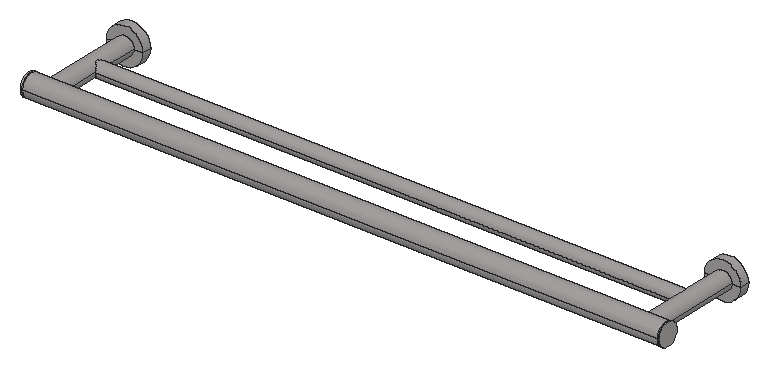
Revit family "Reece_Accessory_Mizu_Drift_Double Towel Rail", category Plumbing Fixtures, Revit 2018
Family settings
  Round Connector Dimension = Use Diameter
  Part Type = Normal
  Work Plane-Based = Yes
  Always vertical = Yes
  Cut with Voids When Loaded = Yes
  Shared = Yes
  Room Calculation Point = Yes
Parameters (values of type "700 x 125 mm_Brushed Gunmetal")
  URL = "https://www.reece.com.au/product/-2217441"
  Type Comments = "Accessory"
  Reece_Product_Web Page = "https://www.reece.com.au/product/-2217441"
  Reece_Product_Type = "Accessory"  # constant formula
  Reece_Product_Sub Brand = "Drift"  # constant formula
  Reece_Product_Number = "2217441"
  Reece_Product_Mount = "Wall"  # constant formula
  Reece_Product_Description = "Mizu Drift Double Towel Rail 700mm Brushed Gunmetal"
  Reece_Product_Brand = "Mizu"  # constant formula
  Reece_Overall_Width = 700 mm
  Reece_Overall_Height = 40 mm  # constant formula
  Reece_Material_Main = Reece_Brass_Brushed Gunmetal
  Reece_Fixing_Point_Width = 655 mm
  Reece_Detail_Shape = ""
  Reece_Detail_Installation = "Wall Mounted"  # constant formula
  Reece_Detail_Disclaimer = "THIS FILE IS THE PROPERTY OF THE REECE GROUP. IT MAY NOT BE REPRODUCED, REVERSE-ENGINEERED, OR MODIFIED. ANY REPUBLICATION, TRANSMISSION, OR DISTRIBUTION FOR THE PURPOSE OF COMMERCIALLY EXPLOITING THE FILES IS PROHIBITED."  # constant formula
  Reece_Detail_Connector = ""
  Reece_Detail_Additional = ""
  Reece_Accessory_Projection = 125 mm  # constant formula
  Model = "Drift"
  Manufacturer = "Mizu"
  Keynote = "Product #2217441, Reece_Accessory_Mizu_Drift_Double Towel Rail - 700 x 125 mm_Brushed Gunmetal"
  Disclaimer = "THIS FILE IS THE PROPERTY OF THE REECE GROUP. IT MAY NOT BE REPRODUCED, REVERSE-ENGINEERED, OR MODIFIED. ANY REPUBLICATION, TRANSMISSION, OR DISTRIBUTION FOR THE PURPOSE OF COMMERCIALLY EXPLOITING THE FILES IS PROHIBITED."  # constant formula
  Description = "Mizu Drift Double Towel Rail 700mm Brushed Gunmetal"
  Default Elevation = 0 mm
Types (15, lengths in mm): name | URL | Reece_Product_Web Page | Reece_Product_Number | Reece_Product_Description | Reece_Overall_Width | Reece_Material_Main | Reece_Fixing_Point_Width | Keynote | Description
  600 x 125 mm_Chrome | "https://www.reece.com.au/product/-2202018" | "https://www.reece.com.au/product/-2202018" | "2202018" | "Mizu Drift Double Towel Rail 600mm Chrome" | 600 | Reece_Brass_Chrome | 545 | "Product #2202018, Reece_Accessory_Mizu_Drift_Double Towel Rail - 600 x 125 mm_Chrome" | "Mizu Drift Double Towel Rail 600mm Chrome"
  600 x 125 mm_Matte Black | "https://www.reece.com.au/product/-9506774" | "https://www.reece.com.au/product/-9506774" | "9506774" | "Mizu Drift Double Towel Rail 600mm Matte Black" | 600 | Reece_Brass_Matte Black | 545 | "Product #9506774, Reece_Accessory_Mizu_Drift_Double Towel Rail - 600 x 125 mm_Matte Black" | "Mizu Drift Double Towel Rail 600mm Matte Black"
  700 x 125 mm_Brushed Nickel | "https://www.reece.com.au/product/-9508230" | "https://www.reece.com.au/product/-9508230" | "9508230" | "Mizu Drift Double Towel Rail 700mm Brushed Nickel" | 700 | Reece_Brass_Brushed Nickel | 655 | "Product #9508230, Reece_Accessory_Mizu_Drift_Double Towel Rail - 700 x 125 mm_Brushed Nickel" | "Mizu Drift Double Towel Rail 700mm Brushed Nickel"
  700 x 125 mm_Chrome | "https://www.reece.com.au/product/-2202019" | "https://www.reece.com.au/product/-2202019" | "2202019" | "Mizu Drift Double Towel Rail 700mm Chrome" | 700 | Reece_Brass_Chrome | 655 | "Product #2202019, Reece_Accessory_Mizu_Drift_Double Towel Rail - 700 x 125 mm_Chrome" | "Mizu Drift Double Towel Rail 700mm Chrome"
  700 x 125 mm_Matte Black | "https://www.reece.com.au/product/-9506776" | "https://www.reece.com.au/product/-9506776" | "9506776" | "Mizu Drift Double Towel Rail 700mm Matte Black" | 700 | Reece_Brass_Matte Black | 655 | "Product #9506776, Reece_Accessory_Mizu_Drift_Double Towel Rail - 700 x 125 mm_Matte Black" | "Mizu Drift Double Towel Rail 700mm Matte Black"
  900 x 125 mm_Chrome | "https://www.reece.com.au/product/-9502116" | "https://www.reece.com.au/product/-9502116" | "9502116" | "Mizu Drift Double Towel Rail 900mm Chrome" | 900 | Reece_Brass_Chrome | 860 | "Product #9502116, Reece_Accessory_Mizu_Drift_Double Towel Rail - 900 x 125 mm_Chrome" | "Mizu Drift Double Towel Rail 900mm Chrome"
  700 x 125 mm_Brushed Gunmetal | "https://www.reece.com.au/product/-2217441" | "https://www.reece.com.au/product/-2217441" | "2217441" | "Mizu Drift Double Towel Rail 700mm Brushed Gunmetal" | 700 | Reece_Brass_Brushed Gunmetal | 655 | "Product #2217441, Reece_Accessory_Mizu_Drift_Double Towel Rail - 700 x 125 mm_Brushed Gunmetal" | "Mizu Drift Double Towel Rail 700mm Brushed Gunmetal"
  600 x 125 mm_Brushed Brass | "https://www.reece.com.au/product/-9512565" | "https://www.reece.com.au/product/-9512565" | "9512565" | "Mizu Drift Double Towel Rail 600mm Brushed Brass" | 600 | Reece_Brass_Brushed | 545 | "Product #9512565, Reece_Accessory_Mizu_Drift_Double Towel Rail - 600 x 125 mm_Brushed Brass" | "Mizu Drift Double Towel Rail 600mm Brushed Brass"
  600 x 125 mm_Brushed Gunmetal | "https://www.reece.com.au/product/-9512564" | "https://www.reece.com.au/product/-9512564" | "9512564" | "Mizu Drift Double Towel Rail 600mm Brushed Gunmetal" | 600 | Reece_Brass_Brushed Gunmetal | 545 | "Product #9512564, Reece_Accessory_Mizu_Drift_Double Towel Rail - 600 x 125 mm_Brushed Gunmetal" | "Mizu Drift Double Towel Rail 600mm Brushed Gunmetal"
  600 x 125 mm_Brushed Nickel | "https://www.reece.com.au/product/-9512563" | "https://www.reece.com.au/product/-9512563" | "9512563" | "Mizu Drift Double Towel Rail 600mm Brushed Nickel" | 600 | Reece_Brass_Brushed Nickel | 545 | "Product #9512563, Reece_Accessory_Mizu_Drift_Double Towel Rail - 600 x 125 mm_Brushed Nickel" | "Mizu Drift Double Towel Rail 600mm Brushed Nickel"
  700 x 125 mm_Brushed Brass | "https://www.reece.com.au/product/-9512444" | "https://www.reece.com.au/product/-9512444" | "9512444" | "Mizu Drift Double Towel Rail 700mm Brushed Brass" | 700 | Reece_Brass_Brushed | 655 | "Product #9512444, Reece_Accessory_Mizu_Drift_Double Towel Rail - 700 x 125 mm_Brushed Brass" | "Mizu Drift Double Towel Rail 700mm Brushed Brass"
  900 x 125 mm_Brushed Brass | "https://www.reece.com.au/product/-9512557" | "https://www.reece.com.au/product/-9512557" | "9512557" | "Mizu Drift Double Towel Rail 900mm Brushed Brass" | 900 | Reece_Brass_Brushed | 860 | "Product #9512557, Reece_Accessory_Mizu_Drift_Double Towel Rail - 900 x 125 mm_Brushed Brass" | "Mizu Drift Double Towel Rail 900mm Brushed Brass"
  900 x 125 mm_Brushed Gunmetal | "https://www.reece.com.au/product/-9512556" | "https://www.reece.com.au/product/-9512556" | "9512556" | "Mizu Drift Double Towel Rail 900mm Brushed Gunmetal" | 900 | Reece_Brass_Brushed Gunmetal | 860 | "Product #9512556, Reece_Accessory_Mizu_Drift_Double Towel Rail - 900 x 125 mm_Brushed Gunmetal" | "Mizu Drift Double Towel Rail 900mm Brushed Gunmetal"
  900 x 125 mm_Brushed Nickel | "https://www.reece.com.au/product/-9512555" | "https://www.reece.com.au/product/-9512555" | "9512555" | "Mizu Drift Double Towel Rail 900mm Brushed Nickel" | 900 | Reece_Brass_Brushed Nickel | 860 | "Product #9512555, Reece_Accessory_Mizu_Drift_Double Towel Rail - 900 x 125 mm_Brushed Nickel" | "Mizu Drift Double Towel Rail 900mm Brushed Nickel"
  900 x 125 mm_Matte Black | "https://www.reece.com.au/product/-9512554" | "https://www.reece.com.au/product/-9512554" | "9512554" | "Mizu Drift Double Towel Rail 900mm Matte Black" | 900 | Reece_Brass_Matte Black | 860 | "Product #9512554, Reece_Accessory_Mizu_Drift_Double Towel Rail - 900 x 125 mm_Matte Black" | "Mizu Drift Double Towel Rail 900mm Matte Black"
Reference planes
  plane 1 "Center (Front/Back)": y = 0
  plane 2 "Bottom Host Plane": z = 0
  plane 3 "Center (Left/Right)": x = 0
  plane 4: x = -327.5
  plane 5: y = -125
  plane 6: x = 327.5
  plane 7: x = -350
  plane 8: x = -348
  plane 9: x = 350
  plane 10: x = 348
Forms (mm)
  Revolve 1, solid, material "Reece_Brass_Brushed Gunmetal" <- "Reece_Material_Main"
    sketch origin (372.5, 0, 0) x (1, 0, 0) y (0, 1, 0)
      loop
        line (-700, 0) -> (-700, -113) -> (-690, -113) -> (-690, -10) -> (-680, -10) -> (-680, 0) -> (-700, 0)
      axis (-700, 0) -> (-700, -113)
    angle from 0 to 360
  Revolve 2, solid, material "Reece_Brass_Brushed Gunmetal" <- "Reece_Material_Main"
    sketch origin (720, 0, 0) x (1, 0, 0) y (0, 1, 0)
      loop
        line (-392.5, 0) -> (-392.5, -113) -> (-382.5, -113) -> (-382.5, -10) -> (-372.5, -10) -> (-372.5, 0) -> (-392.5, 0)
      axis (-392.5, 0) -> (-392.5, -113)
    angle from 0 to 360
  Extrusion 3, solid, material "Reece_Brass_Brushed Gunmetal" <- "Reece_Material_Main"
    sketch origin (0, -3, 0) x (0, 1, 0) y (0, 0, 1)
      loop
        circle (-110, 0) r 12
    from -348 to 348
  Extrusion 4, solid, material "Reece_Brass_Brushed Gunmetal" <- "Reece_Material_Main"
    sketch origin (0, 2.4, 0) x (0, 1, 0) y (0, 0, 1)
      loop
        circle (-57.394, 0) r 8
    from -327.5 to 327.5
  Extrusion 5, solid, material "Reece_Brass_Brushed Gunmetal" <- "Reece_Material_Main"
    sketch origin (245, -3, 0) x (0, 1, 0) y (0, 0, 1)
      loop
        circle (-110, 0) r 12
    from 103 to 105
  Extrusion 6, solid, material "Reece_Brass_Brushed Gunmetal" <- "Reece_Material_Main"
    sketch origin (-245, -3, 0) x (0, 1, 0) y (0, 0, -1)
      loop
        circle (-110, 0) r 12
    from 103 to 105
Cuts and joins
  joined: Revolve 1, Revolve 2, Extrusion 3, Extrusion 4
Text (mm)
  text "Reece ©" at (2829.964, -2491.88, 2694.969), in view "Reece Preview"
  text "Reece ©" at (583.919, -522.681, -1020.679), in view "Ref. Level"
Dimensions and locks
  "Reece_Accessory_Projection": plane 5 to plane 1 "Center (Front/Back)"
  equal spacing: plane 4, plane 3 "Center (Left/Right)", plane 6
  locked: plane 2 "Bottom Host Plane" to level
  "Reece_Overall_Width": plane 7 to plane 9
  "Reece_Fixing_Point_Width": plane 4 to plane 6
  locked: plane 7 to plane 8 at 2
  locked: plane 10 to plane 9 at 2
  equal spacing: plane 7, plane 3 "Center (Left/Right)", plane 9
  aligned and locked: plane 6 to Revolve 2 sketch curve
  aligned and locked: Revolve 1 sketch curve to plane 4
  aligned and locked: plane 1 "Center (Front/Back)" to Revolve 1 sketch curve
  aligned and locked: plane 1 "Center (Front/Back)" to Revolve 2 sketch curve
  aligned and locked: Extrusion 4 to plane 6
  aligned and locked: Extrusion 4 to plane 4
  aligned and locked: Extrusion 5 to plane 9
  aligned and locked: Extrusion 5 to Extrusion 3
  aligned and locked: Extrusion 3 to plane 10
  aligned and locked: Extrusion 6 to plane 7
  aligned and locked: plane 8 to Extrusion 6
  aligned and locked: Extrusion 3 to plane 8
Automatic sketch dimensions
  Revolve 1 sketch curve to Revolve 1 sketch curve = 10 mm  (x3)
  Revolve 2 sketch curve to Revolve 2 sketch curve = 10 mm  (x3)
  Revolve 1 sketch curve to Revolve 1 sketch curve = 103 mm
  Revolve 1 sketch curve to Revolve 1 sketch curve = 0 mm  (x2)
  Revolve 1 sketch curve to Revolve 1 sketch curve = 25 mm
  Revolve 2 sketch curve to Revolve 2 sketch curve = 103 mm
  Revolve 2 sketch curve to Revolve 2 sketch curve = 0 mm  (x2)
  Revolve 2 sketch curve to Revolve 2 sketch curve = 22 mm
  Extrusion 3 sketch curve to level = 0 mm
  plane 1 "Center (Front/Back)" to Extrusion 3 sketch curve = 113 mm
  Extrusion 4 sketch curve to level = 0 mm
  plane 1 "Center (Front/Back)" to Extrusion 4 sketch curve = 54.994 mm
  Extrusion 5 sketch curve to level = 0 mm
  plane 1 "Center (Front/Back)" to Extrusion 5 sketch curve = 113 mm
  Extrusion 6 sketch curve to level = 0 mm
  plane 1 "Center (Front/Back)" to Extrusion 6 sketch curve = 113 mm
  radius of Extrusion 3 sketch curve = 12 mm
  radius of Extrusion 4 sketch curve = 8 mm
  radius of Extrusion 5 sketch curve = 12 mm
  radius of Extrusion 6 sketch curve = 12 mm
